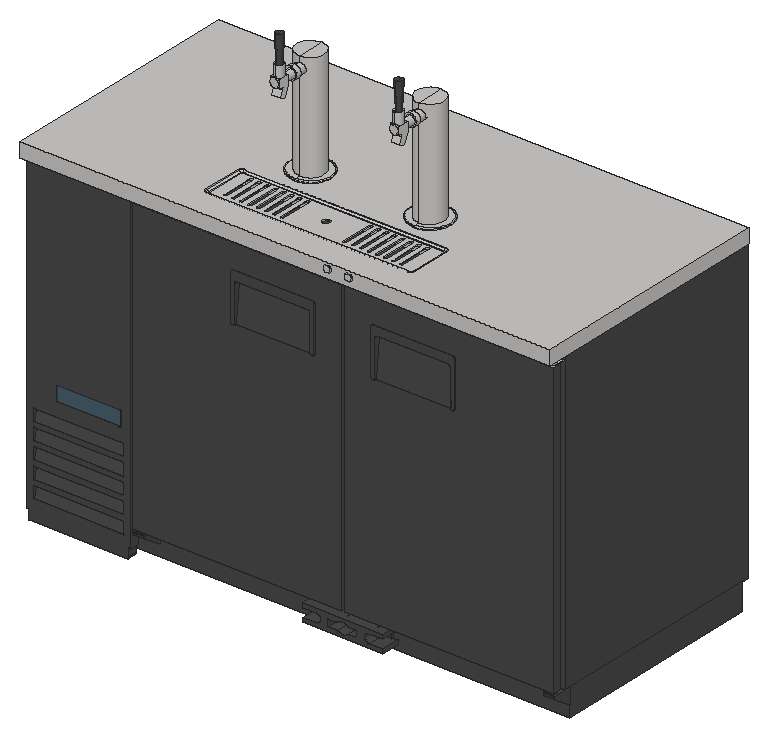
Revit family "QF_EVEREST_EBD2", category Specialty Equipment, Revit 2015 (continued)
Definition of nested family "EBD2"
  Forms (mm)
    Extrusion 41, solid
      sketch origin (0, -3, 904) x (0, 0, -1) y (-1, 0, 0)
        loop
          circle (418.5, -150.875) r 25.4
      from 0 to 6.4
  Cuts and joins
    Extrusion 3, Extrusion 17, Extrusion 19, Extrusion 20 cuts Extrusion 2
    Extrusion 3, Extrusion 17 cuts Extrusion 4
    Extrusion 18 cuts Extrusion 1
    joined: Extrusion 26, Extrusion 27, Extrusion 28
  Lines and regions (mm)
    symbolic lines
      curve 1: line (550.5, -461, 0) -> (584.5, -461, 0)
      curve 2: line (584.5, -461, 0) -> (584.5, -448, 0)
      curve 3: line (550.5, -448, 0) -> (550.5, -461, 0)
      curve 4: line (555.548, -517, 0) -> (555.548, -461, 0)
      curve 5: line (555.548, -517, 0) -> (579.505, -517, 0)
      curve 6: line (579.505, -517, 0) -> (579.505, -461, 0)
      curve 7: arc (583.428, -448, 0) -> (624.435, -384.707, 0) -> (567.5, -335.25, 0) r 57.5
      curve 8: arc (567.5, -335.25, 0) -> (510.565, -384.707, 0) -> (551.572, -448, 0) r 57.5
      curve 9: arc (567.5, -354.5, 0) -> (529.25, -392.75, 0) -> (567.5, -431, 0) r 38.25
      curve 10: arc (567.5, -431, 0) -> (605.75, -392.75, 0) -> (567.5, -354.5, 0) r 38.25
      curve 11: line (455.5, -479, 0) -> (555.548, -479, 0)
      curve 12: arc (1010.5, -479, 0) -> (1018.278, -482.222, 0) -> (1021.5, -490, 0) r 11
      curve 13: line (1021.5, -490, 0) -> (1021.5, -600, 0)
      curve 14: arc (1021.5, -600, 0) -> (1018.278, -607.778, 0) -> (1010.5, -611, 0) r 11
      curve 15: line (1010.5, -611, 0) -> (455.5, -611, 0)
      curve 16: arc (455.5, -611, 0) -> (447.722, -607.778, 0) -> (444.5, -600, 0) r 11
      curve 17: line (444.5, -600, 0) -> (444.5, -490, 0)
      curve 18: arc (444.5, -490, 0) -> (447.722, -482.222, 0) -> (455.5, -479, 0) r 11
      curve 19: line (1010.5, -486.029, 0) -> (910.505, -486.029, 0)
      curve 20: line (1010.5, -603.971, 0) -> (455.5, -603.971, 0)
      curve 21: arc (455.5, -603.971, 0) -> (452.692, -602.808, 0) -> (451.529, -600, 0) r 3.971
      curve 22: line (451.529, -600, 0) -> (451.529, -490, 0)
      curve 23: arc (451.529, -490, 0) -> (452.692, -487.192, 0) -> (455.5, -486.029, 0) r 3.971
      curve 24: line (1014.471, -490, 0) -> (1014.471, -600, 0)
      curve 25: arc (1014.471, -600, 0) -> (1013.308, -602.808, 0) -> (1010.5, -603.971, 0) r 3.971
      curve 26: arc (1010.5, -486.029, 0) -> (1013.308, -487.192, 0) -> (1014.471, -490, 0) r 3.971
      curve 27: line (641.548, -586.469, 0) -> (641.548, -500.879, 0)
      curve 28: arc (641.548, -500.879, 0) -> (646.548, -495.879, 0) -> (651.548, -500.879, 0) r 5
      curve 29: line (651.548, -500.879, 0) -> (651.548, -586.469, 0)
      curve 30: arc (651.548, -586.469, 0) -> (646.548, -591.469, 0) -> (641.548, -586.469, 0) r 5
      curve 31: line (629.048, -500.879, 0) -> (629.048, -586.469, 0)
      curve 32: arc (629.048, -586.469, 0) -> (624.048, -591.469, 0) -> (619.048, -586.469, 0) r 5
      curve 33: line (619.048, -586.469, 0) -> (619.048, -500.879, 0)
      curve 34: arc (619.048, -500.879, 0) -> (624.048, -495.879, 0) -> (629.048, -500.879, 0) r 5
      curve 35: line (606.548, -500.879, 0) -> (606.548, -586.469, 0)
      curve 36: arc (606.548, -586.469, 0) -> (601.548, -591.469, 0) -> (596.548, -586.469, 0) r 5
      curve 37: line (596.548, -586.469, 0) -> (596.548, -500.879, 0)
      curve 38: arc (596.548, -500.879, 0) -> (601.548, -495.879, 0) -> (606.548, -500.879, 0) r 5
      curve 39: line (584.048, -500.879, 0) -> (584.048, -586.469, 0)
      curve 40: arc (584.048, -586.469, 0) -> (579.048, -591.469, 0) -> (574.048, -586.469, 0) r 5
      curve 41: line (574.048, -586.469, 0) -> (574.048, -517, 0)
      curve 42: arc (561.548, -586.469, 0) -> (556.548, -591.469, 0) -> (551.548, -586.469, 0) r 5
      curve 43: line (551.548, -586.469, 0) -> (551.548, -500.879, 0)
      curve 44: arc (551.548, -500.879, 0) -> (552.675, -497.716, 0) -> (555.548, -495.98, 0) r 5
      curve 45: line (539.048, -500.879, 0) -> (539.048, -586.469, 0)
      curve 46: arc (539.048, -586.469, 0) -> (534.048, -591.469, 0) -> (529.048, -586.469, 0) r 5
      curve 47: line (529.048, -586.469, 0) -> (529.048, -500.879, 0)
      curve 48: arc (529.048, -500.879, 0) -> (534.048, -495.879, 0) -> (539.048, -500.879, 0) r 5
      curve 49: line (516.548, -500.879, 0) -> (516.548, -586.469, 0)
      curve 50: arc (516.548, -586.469, 0) -> (511.548, -591.469, 0) -> (506.548, -586.469, 0) r 5
      curve 51: line (506.548, -586.469, 0) -> (506.548, -500.879, 0)
      curve 52: arc (506.548, -500.879, 0) -> (511.548, -495.879, 0) -> (516.548, -500.879, 0) r 5
      curve 53: line (494.048, -500.879, 0) -> (494.048, -586.469, 0)
      curve 54: arc (494.048, -586.469, 0) -> (489.048, -591.469, 0) -> (484.048, -586.469, 0) r 5
      curve 55: line (484.048, -586.469, 0) -> (484.048, -500.879, 0)
      curve 56: arc (484.048, -500.879, 0) -> (489.048, -495.879, 0) -> (494.048, -500.879, 0) r 5
      curve 57: line (814.452, -586.469, 0) -> (814.452, -500.879, 0)
      curve 58: arc (814.452, -500.879, 0) -> (819.452, -495.879, 0) -> (824.452, -500.879, 0) r 5
      curve 59: line (824.452, -500.879, 0) -> (824.452, -586.469, 0)
      curve 60: arc (824.452, -586.469, 0) -> (819.452, -591.469, 0) -> (814.452, -586.469, 0) r 5
      curve 61: line (836.952, -586.469, 0) -> (836.952, -500.879, 0)
      curve 62: arc (836.952, -500.879, 0) -> (841.952, -495.879, 0) -> (846.952, -500.879, 0) r 5
      curve 63: line (846.952, -500.879, 0) -> (846.952, -586.469, 0)
      curve 64: arc (846.952, -586.469, 0) -> (841.952, -591.469, 0) -> (836.952, -586.469, 0) r 5
      curve 65: line (859.452, -586.469, 0) -> (859.452, -500.879, 0)
      curve 66: arc (859.452, -500.879, 0) -> (864.452, -495.879, 0) -> (869.452, -500.879, 0) r 5
      curve 67: line (869.452, -500.879, 0) -> (869.452, -586.469, 0)
      curve 68: arc (869.452, -586.469, 0) -> (864.452, -591.469, 0) -> (859.452, -586.469, 0) r 5
      curve 69: line (881.952, -586.469, 0) -> (881.952, -500.879, 0)
      curve 70: arc (881.952, -500.879, 0) -> (883.276, -497.489, 0) -> (886.548, -495.895, 0) r 5
      curve 71: arc (891.952, -586.469, 0) -> (886.952, -591.469, 0) -> (881.952, -586.469, 0) r 5
      curve 72: line (904.452, -586.469, 0) -> (904.452, -517, 0)
      curve 73: line (914.452, -500.879, 0) -> (914.452, -586.469, 0)
      curve 74: arc (914.452, -586.469, 0) -> (909.452, -591.469, 0) -> (904.452, -586.469, 0) r 5
      curve 75: line (926.952, -586.469, 0) -> (926.952, -500.879, 0)
      curve 76: arc (926.952, -500.879, 0) -> (931.952, -495.879, 0) -> (936.952, -500.879, 0) r 5
      curve 77: line (936.952, -500.879, 0) -> (936.952, -586.469, 0)
      curve 78: arc (936.952, -586.469, 0) -> (931.952, -591.469, 0) -> (926.952, -586.469, 0) r 5
      curve 79: line (949.452, -586.469, 0) -> (949.452, -500.879, 0)
      curve 80: arc (949.452, -500.879, 0) -> (954.452, -495.879, 0) -> (959.452, -500.879, 0) r 5
      curve 81: line (959.452, -500.879, 0) -> (959.452, -586.469, 0)
      curve 82: arc (959.452, -586.469, 0) -> (954.452, -591.469, 0) -> (949.452, -586.469, 0) r 5
      curve 83: line (971.952, -586.469, 0) -> (971.952, -500.879, 0)
      curve 84: arc (971.952, -500.879, 0) -> (976.952, -495.879, 0) -> (981.952, -500.879, 0) r 5
      curve 85: line (981.952, -500.879, 0) -> (981.952, -586.469, 0)
      curve 86: arc (981.952, -586.469, 0) -> (976.952, -591.469, 0) -> (971.952, -586.469, 0) r 5
      curve 87: line (561.548, -517, 0) -> (561.548, -586.469, 0)
      curve 88: arc (579.505, -495.9, 0) -> (582.742, -497.509, 0) -> (584.048, -500.879, 0) r 5
      curve 89: line (891.952, -517, 0) -> (891.952, -586.469, 0)
      curve 90: arc (910.505, -495.991, 0) -> (913.342, -497.737, 0) -> (914.452, -500.879, 0) r 5
      curve 91: line (886.548, -517, 0) -> (910.505, -517, 0)
      curve 92: line (910.505, -517, 0) -> (910.505, -461, 0)
      curve 93: line (886.548, -517, 0) -> (886.548, -461, 0)
      curve 94: line (555.548, -486.029, 0) -> (455.5, -486.029, 0)
      curve 95: line (579.505, -479, 0) -> (886.548, -479, 0)
      curve 96: line (886.548, -486.029, 0) -> (579.505, -486.029, 0)
      curve 97: line (910.505, -479, 0) -> (1010.5, -479, 0)
      curve 98: arc (731.548, -553.674, 0) -> (721.548, -543.674, 0) -> (731.548, -533.674, 0) r 10
      curve 99: arc (731.548, -533.674, 0) -> (741.548, -543.674, 0) -> (731.548, -553.674, 0) r 10
      curve 100: line (584.5, -448, 0) -> (550.5, -448, 0)
      curve 101: line (881.5, -461, 0) -> (915.5, -461, 0)
      curve 102: line (915.5, -461, 0) -> (915.5, -448, 0)
      curve 103: line (881.5, -448, 0) -> (881.5, -461, 0)
      curve 104: arc (914.428, -448, 0) -> (955.435, -384.707, 0) -> (898.5, -335.25, 0) r 57.5
      curve 105: arc (898.5, -335.25, 0) -> (841.565, -384.707, 0) -> (882.572, -448, 0) r 57.5
      curve 106: arc (898.5, -354.5, 0) -> (860.25, -392.75, 0) -> (898.5, -431, 0) r 38.25
      curve 107: arc (898.5, -431, 0) -> (936.75, -392.75, 0) -> (898.5, -354.5, 0) r 38.25
      curve 108: line (915.5, -448, 0) -> (881.5, -448, 0)
      curve 109: line (0, 0, 0) -> (1466, 0, 0)
      curve 110: line (0, -688, 0) -> (0, 0, 0)
      curve 111: line (1466, -688, 0) -> (0, -688, 0)
      curve 112: line (1466, 0, 0) -> (1466, -688, 0)
      curve 113: line (329.177, -688, 0) -> (798.563, -959, 0)
      curve 114: arc (798.563, -959, 0) -> (853.908, -828.274, 0) -> (875.72, -688, 0) r 578
      curve 115: line (1431.824, -688, 0) -> (962.438, -959, 0)
      curve 116: arc (962.438, -959, 0) -> (907.093, -828.274, 0) -> (885.281, -688, 0) r 578
      curve 117: line (552.5, -448, 0) -> (552.5, -427.936, 0)
      curve 118: line (582.5, -448, 0) -> (582.5, -427.936, 0)
      curve 119: line (883.5, -448, 0) -> (883.5, -427.936, 0)
      curve 120: line (913.5, -448, 0) -> (913.5, -427.936, 0)
  Dimensions and locks
    equal spacing: plane 3 "LEFT", plane 7 "Center Y", plane 4 "RIGHT"
    "Length": plane 3 "LEFT" to plane 4 "RIGHT"
    equal spacing: plane 5 "FRONT", plane 8 "Center X", plane 1 "BACK"
    "Depth": plane 5 "FRONT" to plane 1 "BACK"
    "Height": plane 6 "TOP" to level
    plane 6 "TOP" to plane 2 = 944 mm  (x2)
    plane 6 "TOP" to plane 9 = 814 mm
    plane 6 "TOP" to plane 10 = 388 mm  (x2)
    plane 5 "FRONT" to plane 1 "BACK" = 688 mm
    plane 11 to plane 1 "BACK" = 1245 mm
    plane 2 to plane 10 = 1332 mm
    plane 1 "BACK" to plane 5 "FRONT" = 688 mm
    plane 12 to plane 3 "LEFT" = 567.5 mm
    plane 4 "RIGHT" to plane 13 = 567.5 mm
    aligned and locked: level to plane 2
  Automatic sketch dimensions
    Extrusion 1 sketch curve to plane 14 = 6 mm
    Extrusion 1 sketch curve to plane 5 "FRONT" = 55 mm
    plane 1 "BACK" to Extrusion 1 sketch curve = 3 mm
    Extrusion 1 sketch curve to plane 6 "TOP" = 40 mm
    Extrusion 2 sketch curve to Extrusion 2 sketch curve = 0 mm  (x13)
    Extrusion 2 sketch curve to Extrusion 1 = 0 mm
    Extrusion 1 to Extrusion 2 sketch curve = 5 mm  (x2)
    Extrusion 1 to Extrusion 2 sketch curve = 14 mm
    Extrusion 1 to Extrusion 2 sketch curve = 82 mm  (x2)
    Extrusion 2 sketch curve to Extrusion 2 sketch curve = 5 mm  (x8)
    Extrusion 2 sketch curve to Extrusion 2 sketch curve = 20 mm  (x2)
    Extrusion 2 sketch curve to Extrusion 2 sketch curve = 101.5 mm  (x4)
    Extrusion 2 sketch curve to Extrusion 2 sketch curve = 3.5 mm  (x4)
    Extrusion 2 sketch curve to Extrusion 1 = 6 mm  (x2)
    Extrusion 1 to Extrusion 2 sketch curve = 45 mm  (x2)
    Extrusion 1 to Extrusion 2 sketch curve = 8 mm
    Extrusion 2 sketch curve to Extrusion 2 sketch curve = 22.979 mm
    Extrusion 2 sketch curve to Extrusion 2 sketch curve = 23 mm
    Extrusion 2 sketch curve to Extrusion 2 sketch curve = 5.021 mm
    Extrusion 2 sketch curve to Extrusion 2 sketch curve = 269.479 mm
    Extrusion 1 to Extrusion 2 sketch curve = 287.75 mm
    Extrusion 2 sketch curve to Extrusion 2 sketch curve = 5.25 mm
    Extrusion 2 sketch curve to Extrusion 2 sketch curve = 273 mm
    Extrusion 2 sketch curve to Extrusion 2 sketch curve = 4 mm  (x2)
    Extrusion 2 sketch curve to Extrusion 2 sketch curve = 198 mm  (x2)
    Extrusion 2 sketch curve to Extrusion 2 sketch curve = 11 mm  (x2)
    Extrusion 2 sketch curve to Extrusion 2 sketch curve = 75 mm  (x2)
    Extrusion 2 sketch curve to Extrusion 2 sketch curve = 8 mm
    Extrusion 1 to Extrusion 2 sketch curve = 4 mm
    Extrusion 1 to Extrusion 2 sketch curve = 7.75 mm
    Extrusion 2 sketch curve to Extrusion 2 sketch curve = 1 mm  (x4)
    Extrusion 3 sketch curve to Extrusion 2 = 0 mm
    Extrusion 3 sketch curve to Extrusion 2 = 3.5 mm
    Extrusion 3 sketch curve to Extrusion 2 = 19.062 mm
    Extrusion 2 to Extrusion 3 sketch curve = 10.34 mm
    Extrusion 4 sketch curve to Extrusion 4 sketch curve = 0 mm  (x4)
    Extrusion 2 to Extrusion 4 sketch curve = 5 mm  (x2)
    Extrusion 4 sketch curve to Extrusion 2 = 5 mm  (x2)
    Extrusion 4 sketch curve to Extrusion 4 sketch curve = 3.5 mm
    Extrusion 2 to Extrusion 4 sketch curve = 3.5 mm
    Extrusion 2 to Extrusion 4 sketch curve = 1 mm  (x4)
    plane 14 to Extrusion 5 sketch curve = 7.5 mm
    Extrusion 5 sketch curve to plane 5 "FRONT" = 40 mm
    Extrusion 5 sketch curve to Extrusion 5 sketch curve = 15 mm
    Extrusion 5 sketch curve to plane 6 "TOP" = 61.5 mm
    plane 1 "BACK" to Extrusion 6 sketch curve = 0 mm
    Extrusion 6 sketch curve to plane 3 "LEFT" = 0 mm
    plane 5 "FRONT" to Extrusion 6 sketch curve = 0 mm
    Extrusion 6 sketch curve to plane 4 "RIGHT" = 0 mm
    Extrusion 6 sketch curve to plane 8 "Center X" = 135 mm
    Extrusion 6 sketch curve to Extrusion 6 sketch curve = 11 mm  (x3)
    Extrusion 6 sketch curve to plane 5 "FRONT" = 88 mm  (x2)
    plane 12 to Extrusion 6 sketch curve = 123 mm
    plane 13 to Extrusion 6 sketch curve = 112 mm
    Sweep 7 sketch curve to plane 8 "Center X" = 135 mm
    Sweep 7 sketch curve to Sweep 7 sketch curve = 11 mm  (x3)
    Sweep 7 sketch curve to plane 5 "FRONT" = 88 mm  (x2)
    plane 12 to Sweep 7 sketch curve = 123 mm
    plane 13 to Sweep 7 sketch curve = 112 mm
    Sweep 7 sketch curve to profile plane = 0 mm
    Sweep 7 sketch curve to Sweep 7 sketch curve = 7.029 mm
    profile plane to Sweep 7 sketch curve = 10.585 mm
    Sweep 7 sketch curve to profile plane = 6.424 mm
    Sweep 7 sketch curve to Sweep 7 sketch curve = 1.326 mm
    Sweep 7 sketch curve to profile plane = 1.518 mm
    Sweep 7 sketch curve to profile plane = 0.371 mm
    Revolve 8 sketch curve to plane 6 "TOP" = 0 mm
    Revolve 8 sketch curve to plane 8 "Center X" = 48.75 mm
    Revolve 8 sketch curve to plane 8 "Center X" = 10.5 mm
    plane 6 "TOP" to Revolve 8 sketch curve = 1.031 mm
    plane 8 "Center X" to Revolve 8 sketch curve = 6.781 mm
    Revolve 8 sketch curve to Revolve 8 sketch curve = 1.969 mm
    plane 10 to Revolve 8 sketch curve = 88 mm
    Revolve 8 sketch curve to Revolve 8 sketch curve = 0 mm  (x2)
    Revolve 8 sketch curve to Revolve 8 sketch curve = 25 mm
    Revolve 9 sketch curve to plane 8 "Center X" = 142 mm
    Revolve 9 sketch curve to Revolve 9 sketch curve = 25 mm
    Revolve 9 sketch curve to Revolve 9 sketch curve = 13 mm
    Revolve 9 sketch curve to Revolve 9 sketch curve = 31.105 mm
    plane 10 to Revolve 9 sketch curve = 118 mm
    Revolve 9 sketch curve to Revolve 9 sketch curve = 12 mm
    Revolve 9 sketch curve to Revolve 9 sketch curve = 15 mm
    Revolve 9 sketch curve to Revolve 9 sketch curve = 2 mm
    Revolve 9 sketch curve to Revolve 9 sketch curve = 14.105 mm
    Revolve 9 sketch curve to Revolve 9 sketch curve = 2.069 mm
    Revolve 9 sketch curve to Revolve 9 sketch curve = 0 mm
    plane 10 to Revolve 10 sketch curve = 0 mm  (x2)
    Revolve 10 sketch curve to plane 8 "Center X" = 157 mm
    Revolve 10 sketch curve to Revolve 10 sketch curve = 7.354 mm
    Revolve 10 sketch curve to Revolve 10 sketch curve = 10.464 mm
    Revolve 10 sketch curve to Revolve 10 sketch curve = 4.646 mm
    plane 10 to Revolve 10 sketch curve = 76 mm
    Revolve 10 sketch curve to Revolve 10 sketch curve = 30 mm
    Revolve 10 sketch curve to Revolve 10 sketch curve = 0 mm
    Revolve 10 sketch curve to plane 10 = 25 mm
    Extrusion 11 sketch curve to plane 8 "Center X" = 170 mm
    Extrusion 11 sketch curve to Extrusion 11 sketch curve = 3.024 mm
    Extrusion 11 sketch curve to Extrusion 11 sketch curve = 4.359 mm
    Extrusion 11 sketch curve to Extrusion 11 sketch curve = 5.569 mm
    Extrusion 11 sketch curve to Extrusion 11 sketch curve = 13.952 mm
    Extrusion 11 sketch curve to Extrusion 11 sketch curve = 18.072 mm
    plane 10 to Extrusion 11 sketch curve = 158.754 mm
    Extrusion 11 sketch curve to Extrusion 11 sketch curve = 5.507 mm
    Extrusion 11 sketch curve to Extrusion 11 sketch curve = 2.198 mm
    Extrusion 11 sketch curve to Extrusion 11 sketch curve = 21.57 mm
    Extrusion 12 sketch curve to Extrusion 11 = 10.785 mm
    Extrusion 11 to Extrusion 12 sketch curve = 11.979 mm
    Extrusion 13 sketch curve to Extrusion 13 sketch curve = 0 mm  (x7)
    Extrusion 6 to Extrusion 13 sketch curve = 8 mm  (x2)
    Extrusion 13 sketch curve to Extrusion 6 = 620.602 mm
    Extrusion 13 sketch curve to Extrusion 13 sketch curve = 5.123 mm  (x4)
    Extrusion 13 sketch curve to Extrusion 13 sketch curve = 48.747 mm
    Extrusion 13 sketch curve to Extrusion 13 sketch curve = 8 mm  (x2)
    Extrusion 14 sketch curve to plane 5 "FRONT" = 29 mm
    plane 4 "RIGHT" to Extrusion 14 sketch curve = 16.309 mm
    Extrusion 15 sketch curve to level = 0 mm
    Extrusion 15 sketch curve to plane 14 = 6 mm
    Extrusion 15 sketch curve to plane 5 "FRONT" = 70 mm
    plane 1 "BACK" to Extrusion 15 sketch curve = 23 mm
    Extrusion 16 sketch curve to plane 8 "Center X" = 135 mm
    Extrusion 16 sketch curve to Extrusion 16 sketch curve = 11 mm  (x3)
    Extrusion 16 sketch curve to plane 13 = 56.548 mm
    Extrusion 16 sketch curve to plane 8 "Center X" = 156.879 mm
    Extrusion 16 sketch curve to Extrusion 16 sketch curve = 0 mm  (x28)
    Extrusion 16 sketch curve to Extrusion 16 sketch curve = 10.879 mm
    Extrusion 16 sketch curve to plane 12 = 6.548 mm
    Extrusion 16 sketch curve to plane 7 "Center Y" = 1.452 mm
    Extrusion 16 sketch curve to Extrusion 16 sketch curve = 42.795 mm
    Extrusion 16 sketch curve to Extrusion 16 sketch curve = 85.59 mm  (x2)
    Extrusion 16 sketch curve to plane 13 = 6.548 mm
    Extrusion 16 sketch curve to Extrusion 16 sketch curve = 13.531 mm  (x2)
    plane 12 to Extrusion 16 sketch curve = 5.952 mm
    Extrusion 16 sketch curve to Extrusion 16 sketch curve = 5 mm  (x15)
    Extrusion 16 sketch curve to Extrusion 16 sketch curve = 12.5 mm  (x10)
    Extrusion 16 sketch curve to Extrusion 16 sketch curve = 28.548 mm  (x2)
    Extrusion 16 sketch curve to Extrusion 16 sketch curve = 27.5 mm
    Extrusion 16 sketch curve to Extrusion 16 sketch curve = 10 mm
    plane 13 to Extrusion 16 sketch curve = 5.952 mm
    Extrusion 17 sketch curve to plane 5 "FRONT" = 18 mm
    Extrusion 17 sketch curve to plane 6 "TOP" = 257 mm
    Extrusion 17 sketch curve to Extrusion 17 sketch curve = 110.938 mm
    Extrusion 17 sketch curve to Extrusion 17 sketch curve = 11.66 mm
    Extrusion 18 sketch curve to Extrusion 1 = 83 mm  (x2)
    Extrusion 18 sketch curve to Extrusion 18 sketch curve = 0 mm  (x237)
    Extrusion 18 sketch curve to Extrusion 18 sketch curve = 32 mm  (x26)
    Extrusion 18 sketch curve to Extrusion 18 sketch curve = 18 mm  (x31)
    Extrusion 18 sketch curve to Extrusion 1 = 44 mm  (x5)
    Extrusion 18 sketch curve to Extrusion 18 sketch curve = 4 mm  (x147)
    Extrusion 18 sketch curve to Extrusion 18 sketch curve = 5 mm  (x140)
    Extrusion 19 sketch curve to Extrusion 2 = 24.424 mm
    Extrusion 19 sketch curve to Extrusion 2 = 240.827 mm
    Extrusion 19 sketch curve to Extrusion 19 sketch curve = 2.009 mm
    Extrusion 19 sketch curve to Extrusion 19 sketch curve = 2.04 mm
    Extrusion 19 sketch curve to Extrusion 19 sketch curve = 37.96 mm
    Extrusion 19 sketch curve to Extrusion 19 sketch curve = 37.992 mm
    Extrusion 19 sketch curve to Extrusion 19 sketch curve = 0.003 mm  (x2)
    Extrusion 19 sketch curve to Extrusion 19 sketch curve = 1.997 mm  (x2)
    Extrusion 19 sketch curve to Extrusion 2 = 79.625 mm
    Extrusion 19 sketch curve to Extrusion 19 sketch curve = 2 mm
    Extrusion 20 sketch curve to plane 5 "FRONT" = 18 mm  (x3)
    Extrusion 20 sketch curve to Extrusion 20 sketch curve = 0 mm  (x2)
    plane 9 to Extrusion 20 sketch curve = 11 mm
    Extrusion 20 sketch curve to Extrusion 20 sketch curve = 12.125 mm  (x5)
    Extrusion 20 sketch curve to plane 9 = 24 mm
    plane 14 to Extrusion 20 sketch curve = 12 mm
    Extrusion 20 sketch curve to plane 14 = 23 mm
    Extrusion 20 sketch curve to Extrusion 20 sketch curve = 13 mm  (x3)
    Extrusion 20 sketch curve to Extrusion 20 sketch curve = 35 mm  (x3)
    Revolve 21 sketch curve to plane 6 "TOP" = 0 mm
    Revolve 21 sketch curve to plane 8 "Center X" = 48.75 mm
    Revolve 21 sketch curve to plane 8 "Center X" = 10.5 mm
    plane 6 "TOP" to Revolve 21 sketch curve = 1.031 mm
    plane 8 "Center X" to Revolve 21 sketch curve = 6.781 mm
    Revolve 21 sketch curve to Revolve 21 sketch curve = 1.969 mm
    plane 10 to Revolve 21 sketch curve = 88 mm
    Revolve 21 sketch curve to Revolve 21 sketch curve = 0 mm  (x2)
    Revolve 21 sketch curve to Revolve 21 sketch curve = 25 mm
    Revolve 22 sketch curve to plane 8 "Center X" = 142 mm
    Revolve 22 sketch curve to Revolve 22 sketch curve = 25 mm
    Revolve 22 sketch curve to Revolve 22 sketch curve = 13 mm
    Revolve 22 sketch curve to Revolve 22 sketch curve = 31.105 mm
    plane 10 to Revolve 22 sketch curve = 118 mm
    Revolve 22 sketch curve to Revolve 22 sketch curve = 12 mm
    Revolve 22 sketch curve to Revolve 22 sketch curve = 15 mm
    Revolve 22 sketch curve to Revolve 22 sketch curve = 2 mm
    Revolve 22 sketch curve to Revolve 22 sketch curve = 14.105 mm
    Revolve 22 sketch curve to Revolve 22 sketch curve = 2.069 mm
    Revolve 22 sketch curve to Revolve 22 sketch curve = 0 mm
    plane 10 to Revolve 23 sketch curve = 0 mm  (x2)
    Revolve 23 sketch curve to plane 8 "Center X" = 157 mm
    Revolve 23 sketch curve to Revolve 23 sketch curve = 7.354 mm
    Revolve 23 sketch curve to Revolve 23 sketch curve = 10.464 mm
    Revolve 23 sketch curve to Revolve 23 sketch curve = 4.646 mm
    plane 10 to Revolve 23 sketch curve = 76 mm
    Revolve 23 sketch curve to Revolve 23 sketch curve = 30 mm
    Revolve 23 sketch curve to Revolve 23 sketch curve = 0 mm
    Revolve 23 sketch curve to plane 10 = 25 mm
    Extrusion 24 sketch curve to plane 8 "Center X" = 170 mm
    Extrusion 24 sketch curve to Extrusion 24 sketch curve = 3.024 mm
    Extrusion 24 sketch curve to Extrusion 24 sketch curve = 4.359 mm
    Extrusion 24 sketch curve to Extrusion 24 sketch curve = 5.569 mm
    Extrusion 24 sketch curve to Extrusion 24 sketch curve = 13.952 mm
    Extrusion 24 sketch curve to Extrusion 24 sketch curve = 18.072 mm
    plane 10 to Extrusion 24 sketch curve = 158.754 mm
    Extrusion 24 sketch curve to Extrusion 24 sketch curve = 5.507 mm
    Extrusion 24 sketch curve to Extrusion 24 sketch curve = 2.198 mm
    Extrusion 24 sketch curve to Extrusion 24 sketch curve = 21.57 mm
    Extrusion 25 sketch curve to Extrusion 24 = 10.785 mm
    Extrusion 24 to Extrusion 25 sketch curve = 11.979 mm
    Extrusion 26 sketch curve to plane 5 "FRONT" = 18 mm
    level to Extrusion 26 sketch curve = 30.931 mm
    Extrusion 26 sketch curve to Extrusion 26 sketch curve = 52 mm
    Extrusion 26 sketch curve to plane 14 = 13.553 mm
    Extrusion 26 sketch curve to plane 14 = 6 mm
    Extrusion 27 sketch curve to plane 5 "FRONT" = 18 mm
    level to Extrusion 27 sketch curve = 30.931 mm
    Extrusion 27 sketch curve to Extrusion 27 sketch curve = 52 mm
    Extrusion 27 sketch curve to plane 14 = 13.553 mm
    Extrusion 27 sketch curve to plane 14 = 6 mm
    Extrusion 28 sketch curve to plane 14 = 8 mm
    Extrusion 28 sketch curve to plane 5 "FRONT" = 18 mm
    Extrusion 28 sketch curve to Extrusion 28 sketch curve = 52 mm
    Extrusion 28 sketch curve to Extrusion 28 sketch curve = 2 mm
    Extrusion 29 sketch curve to plane 5 "FRONT" = 29 mm
    plane 4 "RIGHT" to Extrusion 29 sketch curve = 16.309 mm
    Extrusion 30 sketch curve to plane 5 "FRONT" = 18 mm
    Extrusion 30 sketch curve to Extrusion 30 sketch curve = 6.3 mm  (x2)
    plane 4 "RIGHT" to Extrusion 30 sketch curve = 4 mm
    Extrusion 30 sketch curve to Extrusion 30 sketch curve = 30.7 mm
    Extrusion 30 sketch curve to Extrusion 30 sketch curve = 12.189 mm
    Extrusion 31 sketch curve to Extrusion 15 = 14 mm
    Extrusion 31 sketch curve to Extrusion 15 = 25 mm
    Extrusion 31 sketch curve to Extrusion 31 sketch curve = 11 mm  (x2)
    Extrusion 31 sketch curve to Extrusion 15 = 27.5 mm  (x2)
    Extrusion 31 sketch curve to Extrusion 31 sketch curve = 7.918 mm
    Extrusion 31 sketch curve to Extrusion 31 sketch curve = 12.5 mm  (x2)
    Extrusion 31 sketch curve to Extrusion 31 sketch curve = 4.328 mm
    Extrusion 31 sketch curve to Extrusion 31 sketch curve = 20 mm  (x2)
    Extrusion 15 to Extrusion 31 sketch curve = 698 mm
    Extrusion 31 sketch curve to Extrusion 31 sketch curve = 0 mm  (x4)
    Extrusion 31 sketch curve to Extrusion 31 sketch curve = 38 mm  (x2)
    Extrusion 31 sketch curve to Extrusion 31 sketch curve = 32.272 mm
    Extrusion 31 sketch curve to Extrusion 31 sketch curve = 25.427 mm  (x2)
    Extrusion 31 sketch curve to Extrusion 31 sketch curve = 14.892 mm
    Extrusion 31 sketch curve to Extrusion 31 sketch curve = 33.091 mm
    Extrusion 32 sketch curve to plane 5 "FRONT" = 29 mm
    Extrusion 33 sketch curve to plane 5 "FRONT" = 18 mm
    level to Extrusion 33 sketch curve = 30.931 mm
    Extrusion 33 sketch curve to Extrusion 33 sketch curve = 52 mm
    Extrusion 33 sketch curve to plane 14 = 13.553 mm
    Extrusion 33 sketch curve to plane 14 = 6 mm
    Extrusion 34 sketch curve to plane 5 "FRONT" = 18 mm
    level to Extrusion 34 sketch curve = 30.931 mm
    Extrusion 34 sketch curve to Extrusion 34 sketch curve = 52 mm
    Extrusion 34 sketch curve to plane 14 = 13.553 mm
    Extrusion 34 sketch curve to plane 14 = 6 mm
    Extrusion 35 sketch curve to plane 14 = 8 mm
    Extrusion 35 sketch curve to plane 5 "FRONT" = 18 mm
    Extrusion 35 sketch curve to Extrusion 35 sketch curve = 52 mm
    Extrusion 35 sketch curve to Extrusion 35 sketch curve = 2 mm
    Extrusion 36 sketch curve to plane 5 "FRONT" = 29 mm
    Extrusion 37 sketch curve to plane 5 "FRONT" = 18 mm
    Extrusion 37 sketch curve to Extrusion 37 sketch curve = 6.3 mm  (x2)
    Extrusion 37 sketch curve to Extrusion 37 sketch curve = 30.7 mm
    Extrusion 37 sketch curve to Extrusion 37 sketch curve = 12.189 mm
    Extrusion 38 sketch curve to plane 13 = 22.5 mm
    Extrusion 38 sketch curve to Extrusion 38 sketch curve = 9.001 mm
    plane 4 "RIGHT" to Extrusion 38 sketch curve = 3 mm
    Extrusion 38 sketch curve to plane 11 = 3 mm
    Extrusion 38 sketch curve to plane 11 = 2.999 mm
    Extrusion 39 sketch curve to Extrusion 19 = 0 mm  (x2)
    Extrusion 39 sketch curve to Extrusion 19 = 2.009 mm
    Extrusion 40 sketch curve to plane 14 = 9.75 mm
    level to Extrusion 40 sketch curve = 3.75 mm
    plane 7 "Center Y" to Extrusion 40 sketch curve = 42.425 mm
    plane 13 to Extrusion 40 sketch curve = 76.925 mm
    plane 12 to Extrusion 32 sketch curve = 254.019 mm
    plane 12 to Extrusion 36 sketch curve = 254.019 mm
    plane 12 to Extrusion 37 sketch curve = 241.711 mm
    Extrusion 38 sketch curve to plane 5 "FRONT" = 18 mm
    curve 7 to curve 8 = 0 mm
    curve 7 to curve 9 = 0 mm  (x2)
    curve 12 to curve 26 = 0 mm  (x2)
    curve 14 to curve 25 = 0 mm  (x2)
    curve 16 to curve 21 = 0 mm  (x2)
    curve 18 to curve 23 = 0 mm  (x2)
    curve 104 to curve 105 = 0 mm
    curve 105 to curve 107 = 0 mm  (x2)
    plane 1 "BACK" to curve 110 = 0 mm
    curve 110 to plane 3 "LEFT" = 0 mm
    plane 5 "FRONT" to curve 113 = 0 mm
    curve 9 to plane 12 = 0 mm
    curve 105 to plane 13 = 0 mm
    curve 112 to plane 4 "RIGHT" = 0 mm
    curve 114 to plane 5 "FRONT" = 18 mm
    plane 12 to curve 114 = 269.5 mm
    plane 12 to curve 17 = 123 mm
    curve 17 to curve 22 = 7.029 mm
    curve 23 to curve 18 = 3.971 mm
    curve 21 to curve 21 = 3.971 mm
    curve 18 to curve 55 = 28.548 mm
    curve 54 to curve 54 = 5 mm
    curve 53 to curve 51 = 12.5 mm
    curve 51 to curve 52 = 5 mm
    curve 50 to curve 47 = 12.5 mm
    curve 47 to curve 48 = 5 mm
    plane 12 to curve 3 = 17 mm
    curve 46 to curve 43 = 12.5 mm
    plane 12 to curve 5 = 11.952 mm
    curve 43 to curve 44 = 5 mm
    curve 42 to curve 42 = 5 mm
    curve 41 to plane 12 = 6.548 mm
    curve 88 to plane 12 = 11.548 mm
    curve 40 to curve 40 = 5 mm
    curve 41 to curve 5 = 5.457 mm
    curve 6 to curve 100 = 4.995 mm
    curve 39 to curve 37 = 12.5 mm
    curve 38 to curve 38 = 5 mm
    curve 38 to curve 33 = 12.5 mm
    curve 34 to curve 34 = 5 mm
    curve 31 to curve 27 = 12.5 mm
    curve 27 to curve 30 = 5 mm
    curve 99 to plane 7 "Center Y" = 1.452 mm
    plane 7 "Center Y" to curve 113 = 65.563 mm
    plane 7 "Center Y" to curve 57 = 81.452 mm
    curve 57 to curve 58 = 5 mm
    curve 58 to curve 61 = 12.5 mm
    curve 64 to curve 64 = 5 mm
    curve 63 to curve 65 = 12.5 mm
    curve 65 to curve 66 = 5 mm
    curve 101 to plane 13 = 17 mm
    curve 67 to curve 69 = 12.5 mm
    curve 93 to plane 13 = 11.952 mm
    curve 70 to curve 70 = 5 mm
    curve 71 to curve 71 = 5 mm
    plane 13 to curve 72 = 5.952 mm
    curve 74 to curve 74 = 5 mm
    curve 90 to curve 73 = 5 mm
    curve 72 to curve 92 = 6.053 mm
    curve 92 to curve 101 = 4.995 mm
    curve 90 to curve 75 = 12.5 mm
    curve 76 to curve 76 = 5 mm
    curve 77 to curve 79 = 12.5 mm
    curve 82 to curve 82 = 5 mm
    plane 13 to curve 115 = 63.938 mm
    curve 82 to curve 83 = 12.5 mm
    curve 86 to curve 86 = 5 mm
    curve 85 to curve 12 = 28.548 mm
    curve 85 to curve 15 = 28.548 mm
    curve 12 to curve 24 = 3.971 mm
    plane 4 "RIGHT" to curve 116 = 2.999 mm
    plane 5 "FRONT" to curve 115 = 271 mm
    curve 113 to curve 115 = 0 mm
    curve 116 to plane 5 "FRONT" = 18 mm
    curve 14 to curve 78 = 13.531 mm
    curve 77 to curve 79 = 0 mm  (x2)
    curve 74 to curve 75 = 0 mm
    curve 82 to curve 83 = 0 mm
    curve 71 to curve 72 = 0 mm
    curve 87 to plane 5 "FRONT" = 101.531 mm
    curve 60 to curve 69 = 0 mm
    curve 68 to curve 69 = 0 mm
    curve 87 to curve 27 = 0 mm
    curve 60 to curve 64 = 0 mm
    curve 31 to curve 30 = 0 mm
    curve 35 to curve 33 = 0 mm
    curve 16 to curve 55 = 13.531 mm
    curve 39 to curve 36 = 0 mm
    curve 53 to curve 51 = 0 mm
    curve 50 to curve 47 = 0 mm
    curve 29 to curve 98 = 42.795 mm
    curve 71 to curve 91 = 69.469 mm
    curve 42 to curve 4 = 69.469 mm
    curve 5 to curve 38 = 16.121 mm
    curve 4 to curve 55 = 16.121 mm
    curve 91 to curve 57 = 16.121 mm
    curve 38 to curve 34 = 0 mm
    curve 58 to curve 61 = 0 mm
    curve 31 to curve 29 = 0 mm
    curve 39 to curve 37 = 0 mm
    curve 63 to curve 65 = 0 mm
    curve 53 to curve 52 = 0 mm
    curve 67 to curve 69 = 0 mm
    curve 4 to curve 43 = 16.121 mm
    curve 91 to curve 90 = 16.121 mm
    curve 90 to curve 75 = 0 mm
    curve 48 to curve 44 = 0 mm
    curve 77 to curve 85 = 0 mm
    curve 85 to curve 13 = 10.879 mm
    curve 56 to curve 17 = 10.879 mm
    curve 11 to curve 3 = 18 mm
    curve 97 to curve 103 = 18 mm
    curve 1 to curve 100 = 13 mm
    curve 101 to curve 102 = 13 mm
    curve 105 to plane 8 "Center X" = 48.75 mm
    curve 10 to plane 8 "Center X" = 48.75 mm
    curve 114 to curve 113 = 31.177 mm
    curve 3 to curve 8 = 1.072 mm
    plane 12 to curve 117 = 15 mm
    curve 118 to plane 12 = 15 mm
    curve 103 to curve 105 = 1.072 mm
    curve 119 to plane 13 = 15 mm
    plane 13 to curve 120 = 15 mm
    plane 4 "RIGHT" to curve 115 = 34.176 mm
    curve 98 to curve 98 = 10 mm
    curve 88 to curve 96 = 9.871 mm
    curve 96 to curve 95 = 7.029 mm
    curve 119 to curve 106 = 17 mm
    curve 117 to curve 9 = 17 mm
    curve 107 to curve 120 = 3.064 mm
    plane 3 "LEFT" to Extrusion 41 sketch curve = 150.875 mm
    plane 9 to Extrusion 41 sketch curve = 355.5 mm
    radius of Extrusion 4 sketch curve to Extrusion 2 = 0 mm  (x10)
    radius of Extrusion 12 sketch curve = 11.979 mm
    radius of Extrusion 14 sketch curve = 10 mm
    radius of Extrusion 16 sketch curve = 10 mm
    radius of Extrusion 25 sketch curve = 11.979 mm
    radius of Extrusion 29 sketch curve = 10 mm
    radius of Extrusion 32 sketch curve = 10 mm
    radius of Extrusion 36 sketch curve = 10 mm
    radius of Extrusion 39 sketch curve to Extrusion 19 = 0 mm  (x3)
    radius of Extrusion 41 sketch curve = 25.4 mm
  Connectors
    electrical at (150.875, 3.4, 485.5), driven by "Volts", driven by "Watts"
      settings: on Extrusion 41, index 1, voltage 0 V, apparent load 0 VA, apparent load phase1 0 VA, apparent load phase2 0 VA, apparent load phase3 0 VA, power factor 1, load classification none, number of poles 1, system type 30, power factor state 1, is connector primary yes, connector utility no, sub classification motor no, connector description "ELECTRICAL CONNECTION"
Definition of nested family "CASTERS & LEGS"
  Parameters (values of type "CASTERS & LEGS")
    Weight = ""
    URL Manufacturer = ""
    URL Cutsheet = ""
    URL = ""
    Type Mark [instance] = ""
    Specification by User [instance] = ""
    Specification by Manufacturer = ""
    Show 6"  Legs [instance] = no
    Show 5" Casters [instance] = yes
    Show 5 Inches Legs [instance] = no
    Serial Number = ""
    Seismic Rating = ""
    SMACNA No = ""
    Revision Code [instance] = ""
    Omniclass Number and Title = ""
    NAFEM Spec ID Number = ""
    Model = ""
    MasterSpec. = ""
    Manufacturer = ""
    Item Number [instance] = ""
    Installed By [instance] = ""
    Identify Quantity as Lot [instance] = yes
    Furnished By [instance] = ""
    Foodservice Equipment Identifier [instance] = yes
    Description = ""
    CSI MasterFormat = ""
    CSI Master Format = ""
    Assembly Code = ""
    Show 3 Inches Casters [instance] = yes
  Reference planes
    plane 1: z = 0
    plane 2 "RIGHT": x = 0
    plane 3 "FRONT": y = 0
    plane 4 "TOP": z = 127
    plane 5: z = 76.2
  Forms (mm)
    Revolve 1, solid, visible <- "Show 5" Casters"
      sketch origin (-49.224, 25.364, -25.504) x (1, 0, 0) y (0, 0, 1)
        loop
          line (18.81, 76.304) -> (18.81, 74.386) -> (20.08, 73.116) -> (21.604, 73.116) -> (21.604, 70.067) -> (31.369, 70.067) -> (31.369, 65.181) -> (34.939, 63.12) -> (37.88, 44.951) -> (34.131, 44.951) -> (34.131, 38.998) -> (34.925, 38.998) -> (34.925, 25.504) -> (63.103, 25.504) -> (63.103, 38.998) -> (63.897, 38.998) -> (63.897, 44.951) -> (60.148, 44.951) -> (63.103, 63.209) -> (66.659, 65.262) -> (66.659, 70.067) -> (77.218, 70.067) -> (77.218, 73.116) -> (78.742, 73.116) -> (80.012, 74.386) -> (80.012, 76.304) -> (18.81, 76.304)
        axis (18.81, 76.304) -> (80.012, 76.304)
      angle from 0 to 360
    Extrusion 2, solid, visible <- "Show 5" Casters"
      sketch origin (-49.224, 49.87, -19.154) x (0, 1, 0) y (0, 0, 1)
        loop
          line (-85.786, 135.49) -> (-85.786, 125.149) -> (-63.321, 125.149)
          arc (-63.321, 125.149) -> (-37.391, 124.905) -> (-11.779, 120.85) r 175.807
          arc (-11.779, 120.85) -> (3.607, 115.163) -> (17.14, 105.894) r 66.729
          line (17.14, 105.894) -> (20.005, 109.985)
          arc (20.005, 109.985) -> (12.217, 116.012) -> (3.375, 120.348) r 48.686
          line (3.375, 120.348) -> (5.384, 123.823)
          arc (5.384, 123.823) -> (-4.003, 127.534) -> (-13.953, 129.229) r 48.686
          line (-13.953, 129.229) -> (-13.953, 135.49) -> (-85.786, 135.49)
      from 29.809 to 68.639
    Revolve 3, solid, visible <- "Show 5" Casters"
      sketch origin (0, 54.748, -31.75) x (0, 1, 0) y (0, 0, 1)
        loop
          line (-56.335, 158.75) -> (-56.335, 148.085) -> (-26.871, 148.085) -> (-26.871, 158.75) -> (-56.335, 158.75)
        axis (-56.335, 148.085) -> (-56.335, 158.75)
      angle from 0 to 360
    Extrusion 4, solid, visible <- "Show 5" Casters"
      sketch origin (-50.414, 49.87, -19.154) x (0, 1, 0) y (0, 0, 1)
        loop
          line (-85.786, 135.49) -> (-85.786, 125.149) -> (-79.594, 125.149)
          arc (-79.594, 125.149) -> (-54.006, 99.703) -> (-39.582, 66.626) r 96.297
          arc (-39.582, 66.626) -> (-20.695, 54.419) -> (-8.07, 73.029) r 16.082
          arc (-8.07, 73.029) -> (-0.57, 93.403) -> (17.434, 105.537) r 35.307
          line (17.434, 105.537) -> (20.005, 109.985)
          arc (20.005, 109.985) -> (12.217, 116.012) -> (3.375, 120.348) r 48.686
          line (3.375, 120.348) -> (5.384, 123.823)
          arc (5.384, 123.823) -> (-4.003, 127.534) -> (-13.953, 129.229) r 48.686
          line (-13.953, 129.229) -> (-13.953, 135.49) -> (-85.786, 135.49)
      from 69.829 to 73.87
    Extrusion 5, solid, visible <- "Show 5" Casters"
      sketch origin (50.414, 49.87, -19.154) x (0, 1, 0) y (0, 0, -1)
        loop
          line (-85.786, -135.49) -> (-13.953, -135.49) -> (-13.953, -129.229)
          arc (-13.953, -129.229) -> (-4.003, -127.534) -> (5.384, -123.823) r 48.686
          line (5.384, -123.823) -> (3.375, -120.348)
          arc (3.375, -120.348) -> (12.217, -116.012) -> (20.005, -109.985) r 48.686
          line (20.005, -109.985) -> (17.434, -105.537)
          arc (17.434, -105.537) -> (-0.57, -93.403) -> (-8.07, -73.029) r 35.307
          arc (-8.07, -73.029) -> (-20.695, -54.419) -> (-39.582, -66.626) r 16.082
          arc (-39.582, -66.626) -> (-54.006, -99.703) -> (-79.594, -125.149) r 96.297
          line (-79.594, -125.149) -> (-85.786, -125.149) -> (-85.786, -135.49)
      from 69.829 to 73.87
    Extrusion 6, solid, visible <- "Show 5" Casters"
      sketch origin (-24.606, 52.001, -14.628) x (0, 1, 0) y (0, 0, -1)
        loop
          line (-65.658, -51.806) -> (-48.06, -61.966) -> (-38.931, -67.237)
          arc (-38.931, -67.237) -> (-36.934, -70.238) -> (-35.227, -73.414) r 38.511
          arc (-35.227, -73.414) -> (-28.855, -79.511) -> (-20.232, -81.358) r 16.169
          arc (-20.232, -81.358) -> (-17.043, -81.321) -> (-13.877, -81.702) r 24.356
          line (-13.877, -81.702) -> (5.921, -93.132) -> (10.917, -84.478)
          arc (10.917, -84.478) -> (11.804, -78.832) -> (8.674, -74.049) r 7.95
          line (8.674, -74.049) -> (5.356, -77.367)
          arc (5.356, -77.367) -> (6.116, -79.837) -> (3.628, -80.537) r 1.806
          line (3.628, -80.537) -> (-13.41, -70.697)
          arc (-13.41, -70.697) -> (-15.803, -63.781) -> (-9.299, -60.428) r 5.588
          arc (-9.299, -60.428) -> (-8.725, -59.868) -> (-8.601, -59.076) r 1.27
          arc (-8.601, -59.076) -> (-12.712, -53.586) -> (-19.178, -51.298) r 11.834
          line (-19.178, -51.298) -> (-37.992, -51.298)
          arc (-37.992, -51.298) -> (-40.049, -51.027) -> (-41.967, -50.233) r 7.95
          line (-41.967, -50.233) -> (-52.169, -44.343)
          arc (-52.169, -44.343) -> (-58.202, -43.549) -> (-63.029, -47.253) r 7.95
          line (-63.029, -47.253) -> (-65.658, -51.806)
      from 0 to 1.588
    Extrusion 7, solid, visible <- "Show 5" Casters"
      sketch origin (-24.606, 52.001, -14.628) x (0, 1, 0) y (0, 0, -1)
        loop
          line (-11.606, -67.574) -> (11.954, -81.173)
          arc (11.954, -81.173) -> (11.253, -77.179) -> (8.674, -74.049) r 7.95
          line (8.674, -74.049) -> (-9.311, -64.367)
          arc (-9.311, -64.367) -> (-12.227, -64.705) -> (-11.606, -67.574) r 1.981
      from 0 to 12.7
    Extrusion 8, solid, visible <- "Show 5" Casters"
      sketch origin (24.606, 52.001, -14.628) x (0, 1, 0) y (0, 0, 1)
        loop
          line (-65.658, 51.806) -> (-63.029, 47.253)
          arc (-63.029, 47.253) -> (-58.202, 43.549) -> (-52.169, 44.343) r 7.95
          line (-52.169, 44.343) -> (-41.967, 50.233)
          arc (-41.967, 50.233) -> (-40.049, 51.027) -> (-37.992, 51.298) r 7.95
          line (-37.992, 51.298) -> (-19.178, 51.298)
          arc (-19.178, 51.298) -> (-12.712, 53.586) -> (-8.601, 59.076) r 11.834
          arc (-8.601, 59.076) -> (-8.725, 59.868) -> (-9.299, 60.428) r 1.27
          arc (-9.299, 60.428) -> (-15.803, 63.781) -> (-13.41, 70.697) r 5.588
          line (-13.41, 70.697) -> (3.628, 80.537)
          arc (3.628, 80.537) -> (6.116, 79.837) -> (5.356, 77.367) r 1.806
          line (5.356, 77.367) -> (8.674, 74.049)
          arc (8.674, 74.049) -> (11.804, 78.832) -> (10.917, 84.478) r 7.95
          line (10.917, 84.478) -> (5.921, 93.132) -> (-13.877, 81.702)
          arc (-13.877, 81.702) -> (-17.043, 81.321) -> (-20.232, 81.358) r 24.356
          arc (-20.232, 81.358) -> (-28.855, 79.511) -> (-35.227, 73.414) r 16.169
          arc (-35.227, 73.414) -> (-36.934, 70.238) -> (-38.931, 67.237) r 38.511
          line (-38.931, 67.237) -> (-48.06, 61.966) -> (-65.658, 51.806)
      from 0 to 1.588
    Extrusion 9, solid, visible <- "Show 5" Casters"
      sketch origin (24.606, 52.001, -14.628) x (0, 1, 0) y (0, 0, 1)
        loop
          arc (-11.606, 67.574) -> (-12.227, 64.705) -> (-9.311, 64.367) r 1.981
          line (-9.311, 64.367) -> (8.674, 74.049)
          arc (8.674, 74.049) -> (11.253, 77.179) -> (11.954, 81.173) r 7.95
          line (11.954, 81.173) -> (-11.606, 67.574)
      from 0 to 12.7
    Revolve 10, solid, visible <- "Show 6"  Legs"
      sketch origin (0, 282.492, 0) x (0, -1, 0) y (0, 0, -1)
        loop
          line (282.492, -152.4) -> (282.492, 0) -> (269.792, 0) -> (269.792, -33.086) -> (263.442, -33.086) -> (263.442, -152.4) -> (282.492, -152.4)
        axis (282.492, 0) -> (282.492, -152.4)
      angle from 0 to 360
    Revolve 11, solid, visible <- "Show 3 Inches Casters"
      sketch origin (-49.224, 14.225, -25.504) x (1, 0, 0) y (0, 0, 1)
        loop
          line (18.81, 53.682) -> (18.81, 51.765) -> (20.08, 50.495) -> (21.604, 50.495) -> (21.604, 47.445) -> (31.369, 47.445) -> (31.369, 43.353) -> (34.656, 41.455) -> (35.568, 35.823) -> (34.131, 35.823) -> (34.131, 32.648) -> (34.925, 32.648) -> (34.925, 25.504) -> (63.103, 25.504) -> (63.103, 32.648) -> (63.897, 32.648) -> (63.897, 35.823) -> (62.461, 35.823) -> (63.387, 41.544) -> (66.659, 43.434) -> (66.659, 47.445) -> (77.218, 47.445) -> (77.218, 50.495) -> (78.742, 50.495) -> (80.012, 51.765) -> (80.012, 53.682) -> (18.81, 53.682)
        axis (18.81, 53.682) -> (80.012, 53.682)
      angle from 0 to 360
    Extrusion 12, solid, visible <- "Show 3 Inches Casters"
      sketch origin (-49.224, 34.365, -82.654) x (0, 1, 0) y (0, 0, 1)
        loop
          line (-10.438, 149.046) -> (-10.438, 152.724) -> (-58.291, 152.724) -> (-58.291, 145.096) -> (-46.304, 145.096)
          arc (-46.304, 145.096) -> (-25.478, 142.206) -> (-4.976, 137.538) r 244.683
          arc (-4.976, 137.538) -> (3.212, 134.488) -> (10.725, 130.027) r 48.783
          line (10.725, 130.027) -> (13.034, 133.223)
          arc (13.034, 133.223) -> (6.948, 137.813) -> (0.305, 141.552) r 57.159
          line (0.305, 141.552) -> (2.38, 145.142)
          arc (2.38, 145.142) -> (-3.879, 147.585) -> (-10.438, 149.046) r 43.98
      from 29.809 to 68.639
    Revolve 13, solid, visible <- "Show 3 Inches Casters"
      sketch origin (0, 44.16, -82.55) x (0, 1, 0) y (0, 0, 1)
        loop
          line (-44.16, 158.75) -> (-44.16, 152.62) -> (-23.696, 152.62) -> (-23.696, 158.75) -> (-44.16, 158.75)
        axis (-44.16, 152.62) -> (-44.16, 158.75)
      angle from 0 to 360
    Extrusion 14, solid, visible <- "Show 3 Inches Casters"
      sketch origin (-50.414, 34.365, -44.554) x (0, 1, 0) y (0, 0, 1)
        loop
          line (-58.291, 114.624) -> (-58.291, 106.996) -> (-56.068, 106.996)
          arc (-56.068, 106.996) -> (-40.334, 98.348) -> (-33.282, 81.837) r 27.521
          arc (-33.282, 81.837) -> (-32.335, 75.873) -> (-30.382, 70.158) r 35.169
          arc (-30.382, 70.158) -> (-19.737, 63.435) -> (-9.498, 70.763) r 11.278
          arc (-9.498, 70.763) -> (-9.015, 72.239) -> (-8.655, 73.751) r 18.805
          arc (-8.655, 73.751) -> (-1.855, 86.085) -> (10.869, 92.126) r 22.956
          line (10.869, 92.126) -> (13.034, 95.123)
          arc (13.034, 95.123) -> (6.948, 99.713) -> (0.305, 103.452) r 57.159
          line (0.305, 103.452) -> (2.38, 107.042)
          arc (2.38, 107.042) -> (-3.879, 109.485) -> (-10.438, 110.946) r 43.98
          line (-10.438, 110.946) -> (-10.438, 114.624) -> (-58.291, 114.624)
      from 69.829 to 73.87
    Extrusion 15, solid, visible <- "Show 3 Inches Casters"
      sketch origin (50.414, 34.365, -44.554) x (0, 1, 0) y (0, 0, -1)
        loop
          line (-58.291, -114.624) -> (-10.438, -114.624) -> (-10.438, -110.946)
          arc (-10.438, -110.946) -> (-3.879, -109.485) -> (2.38, -107.042) r 43.98
          line (2.38, -107.042) -> (0.305, -103.452)
          arc (0.305, -103.452) -> (6.948, -99.713) -> (13.034, -95.123) r 57.159
          line (13.034, -95.123) -> (10.869, -92.126)
          arc (10.869, -92.126) -> (-1.855, -86.085) -> (-8.655, -73.751) r 22.956
          arc (-8.655, -73.751) -> (-9.015, -72.239) -> (-9.498, -70.763) r 18.805
          arc (-9.498, -70.763) -> (-19.737, -63.435) -> (-30.382, -70.158) r 11.278
          arc (-30.382, -70.158) -> (-32.335, -75.873) -> (-33.282, -81.837) r 35.169
          arc (-33.282, -81.837) -> (-40.334, -98.348) -> (-56.068, -106.996) r 27.521
          line (-56.068, -106.996) -> (-58.291, -106.996) -> (-58.291, -114.624)
      from 69.829 to 73.87
    Extrusion 16, solid, visible <- "Show 3 Inches Casters"
      sketch origin (24.819, 39.348, -36.588) x (0, 1, 0) y (0, 0, 1)
        loop
          line (-60.957, 53.273) -> (-58.619, 49.223)
          arc (-58.619, 49.223) -> (-54.325, 45.929) -> (-48.96, 46.635) r 7.071
          line (-48.96, 46.635) -> (-39.885, 51.874)
          arc (-39.885, 51.874) -> (-38.18, 52.581) -> (-36.35, 52.821) r 7.071
          line (-36.35, 52.821) -> (-19.616, 52.821)
          arc (-19.616, 52.821) -> (-13.865, 54.856) -> (-10.208, 59.74) r 10.526
          arc (-10.208, 59.74) -> (-10.319, 60.444) -> (-10.829, 60.942) r 1.13
          arc (-10.829, 60.942) -> (-16.615, 63.925) -> (-14.486, 70.076) r 4.97
          line (-14.486, 70.076) -> (0.668, 78.828)
          arc (0.668, 78.828) -> (2.882, 78.206) -> (2.205, 76.008) r 1.606
          line (2.205, 76.008) -> (5.156, 73.057)
          arc (5.156, 73.057) -> (7.94, 77.311) -> (7.151, 82.333) r 7.071
          line (7.151, 82.333) -> (2.707, 90.03) -> (-14.901, 79.864)
          arc (-14.901, 79.864) -> (-17.717, 79.525) -> (-20.553, 79.558) r 21.663
          arc (-20.553, 79.558) -> (-28.223, 77.915) -> (-33.891, 72.492) r 14.381
          arc (-33.891, 72.492) -> (-35.409, 69.668) -> (-37.186, 66.998) r 34.253
          line (-37.186, 66.998) -> (-45.305, 62.31) -> (-60.957, 53.273)
      from 0 to 1.588
    Extrusion 17, solid, visible <- "Show 3 Inches Casters"
      sketch origin (31.169, 39.348, -36.588) x (0, 1, 0) y (0, 0, 1)
        loop
          arc (5.156, 73.057) -> (7.601, 76.193) -> (7.967, 80.153) r 7.071
          line (7.967, 80.153) -> (-7.704, 68.88)
          arc (-7.704, 68.88) -> (-8.173, 66.006) -> (-5.299, 65.537) r 2.059
          line (-5.299, 65.537) -> (5.156, 73.057)
      from -6.35 to 12.7
    Extrusion 18, solid, visible <- "Show 3 Inches Casters"
      sketch origin (-24.819, 39.348, -36.588) x (0, 1, 0) y (0, 0, -1)
        loop
          line (-60.957, -53.273) -> (-45.305, -62.31) -> (-37.186, -66.998)
          arc (-37.186, -66.998) -> (-35.409, -69.668) -> (-33.891, -72.492) r 34.253
          arc (-33.891, -72.492) -> (-28.223, -77.915) -> (-20.553, -79.558) r 14.381
          arc (-20.553, -79.558) -> (-17.717, -79.525) -> (-14.901, -79.864) r 21.663
          line (-14.901, -79.864) -> (2.707, -90.03) -> (7.151, -82.333)
          arc (7.151, -82.333) -> (7.94, -77.311) -> (5.156, -73.057) r 7.071
          line (5.156, -73.057) -> (2.205, -76.008)
          arc (2.205, -76.008) -> (2.882, -78.206) -> (0.668, -78.828) r 1.606
          line (0.668, -78.828) -> (-14.486, -70.076)
          arc (-14.486, -70.076) -> (-16.615, -63.925) -> (-10.829, -60.942) r 4.97
          arc (-10.829, -60.942) -> (-10.319, -60.444) -> (-10.208, -59.74) r 1.13
          arc (-10.208, -59.74) -> (-13.865, -54.856) -> (-19.616, -52.821) r 10.526
          line (-19.616, -52.821) -> (-36.35, -52.821)
          arc (-36.35, -52.821) -> (-38.18, -52.581) -> (-39.885, -51.874) r 7.071
          line (-39.885, -51.874) -> (-48.96, -46.635)
          arc (-48.96, -46.635) -> (-54.325, -45.929) -> (-58.619, -49.223) r 7.071
          line (-58.619, -49.223) -> (-60.957, -53.273)
      from 0 to 1.588
    Extrusion 19, solid, visible <- "Show 3 Inches Casters"
      sketch origin (-31.169, 39.348, -36.588) x (0, 1, 0) y (0, 0, -1)
        loop
          line (5.156, -73.057) -> (-5.299, -65.537)
          arc (-5.299, -65.537) -> (-8.173, -66.006) -> (-7.704, -68.88) r 2.059
          line (-7.704, -68.88) -> (7.967, -80.153)
          arc (7.967, -80.153) -> (7.601, -76.193) -> (5.156, -73.057) r 7.071
      from -6.35 to 12.7
    Revolve 20, solid, visible <- "Show 5 Inches Legs"
      sketch origin (0, 282.492, 0) x (0, -1, 0) y (0, 0, -1)
        loop
          line (282.492, -88.9) -> (282.492, 0) -> (269.792, 0) -> (269.792, -33.086) -> (263.442, -33.086) -> (263.442, -88.9) -> (282.492, -88.9)
        axis (282.492, 0) -> (282.492, -88.9)
      angle from 0 to 360
  Cuts and joins
    joined: Extrusion 2, Extrusion 4, Extrusion 5
  Lines and regions (mm)
    symbolic lines, visible <- "Show 5" Casters"
      curve 1: line (13.783, 56.222, 0) -> (38.186, 42.133, 0)
      curve 2: line (-37.017, -31.766, 0) -> (-17.967, 1.23, 0)
      curve 3: line (-12.614, -45.855, 0) -> (-37.017, -31.766, 0)
      curve 4: line (38.186, 42.133, 0) -> (19.136, 9.138, 0)
      curve 5: line (-5.267, 23.227, 0) -> (13.783, 56.222, 0)
      curve 6: line (6.436, -12.859, 0) -> (-12.614, -45.855, 0)
    symbolic lines, visible <- "Show 3 Inches Casters"
      curve 7: line (7.149, 35.609, 0) -> (25.003, 25.301, 0)
      curve 8: line (-23.063, -16.719, 0) -> (-14.698, -2.23, 0)
      curve 9: line (-5.209, -27.027, 0) -> (-23.063, -16.719, 0)
      curve 10: line (25.003, 25.301, 0) -> (12.362, 3.406, 0)
      curve 11: line (-5.551, 13.612, 0) -> (7.149, 35.609, 0)
      curve 12: line (2.837, -13.092, 0) -> (-5.209, -27.027, 0)
  Dimensions and locks
    plane 4 "TOP" to level = 127 mm  (x2)
    locked: Revolve 10 sketch curve to Revolve 10 sketch curve at 33.086
    locked: Revolve 10 sketch curve to Revolve 10 sketch curve at 19.05
    Revolve 20 sketch curve to level = 88.9 mm
    plane 5 to level = 76.2 mm
    aligned and locked: level to plane 1
